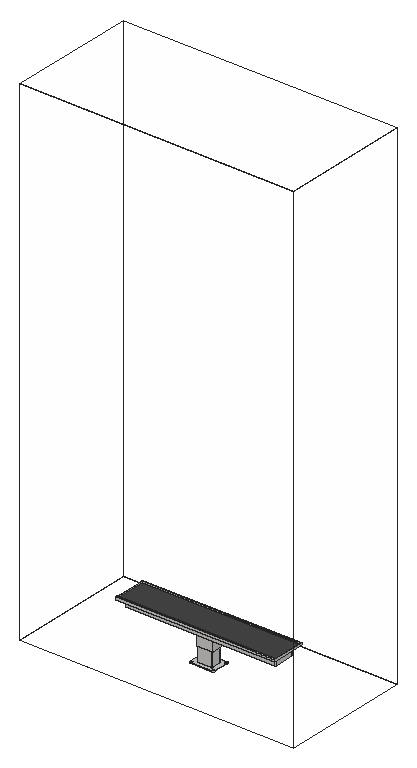
Revit family "Heater-Ceiling-Electric-Bromic-Smart Heat-Platinum", category Electrical Fixtures, host Face, Revit 2018
Family settings
  Host = Face
  Maintain Annotation Orientation = No
  Round Connector Dimension = Use Diameter
  Part Type = Normal
  OmniClass Number = 23.75.10.14
  OmniClass Title = Independent Electric Heating Units
  Cut with Voids When Loaded = Yes
  Shared = No
  Room Calculation Point = No
Parameters (values of type "2300W Series - Black")
  visFrontDown [instance] = not(Angle Mount)  # yes
  calcYOffset [instance] = if(Angle Mount, 0.5748", 0")  # 0"
  calcXOffset [instance] = if(Angle Mount, 1.49606", 0")  # 0"
  calcWidth = 7.17"  # constant formula
  calcSuspendedHeight [instance] = if(Front Down Mount, 8", if([Ceiling Pole_23.6"], 23.6", if([Ceiling Pole_47.2"], 47.2", if(Angle Mount, 10", 8"))))  # 8"
  calcOffsetClearance [instance] = if(Angle Mount, 1.69", calcWidth / 2)  # 3.585"
  calcLength = if(Heater Type Selector = 1, 33.07", if(Heater Type Selector = 2, 50.2", 33.07"))  # 33.07"
  calcFaceAngledWidth [instance] = if(Angle Mount, 6.5", calcWidth)  # 7.17"
  calcDepth = 2.13"  # constant formula
  Width_ANZRS = 7"  # constant formula
  WeightNet_ANZRS = if(Heater Type Selector = 1, 16.50 lbm, if(Heater Type Selector = 2, 22.00 lbm, 16.50 lbm))  # 16.50 lbm
  Wattage_ANZRS = if(Heater Type Selector = 1, 2300 VA, if(Heater Type Selector = 2, 3400 VA, 2000 VA))  # 2300 VA
  Voltage_ANZRS [instance] = 230 V
  URL = "https://www.bromic.com/heating/outdoor-heaters/"
  Side Clearance = if(Heater Type Selector = 2, 18", 10")  # 10"
  Mount Type Selector [instance] = 1
  MountingType_ANZRS [instance] = if(Front Down Mount, "Ceiling Mounted - Front Down", if([Ceiling Pole_23.6"], "Ceiling Pole - 23.6\"", if([Ceiling Pole_47.2"], "Ceiling Pole - 47.2\"", if(Angle Mount, "Ceiling Mounted - Angle Mount", "Ceiling Mounted - Front Down"))))  # "Ceiling Mounted - Front Down"
  Material_ANZRS = Metal-Steel-Stainless-Bromic
  Screen Material = Ceramic-Tinted-Bromic-Black
  Heater Type Selector = 1
  Front Down Mount [instance] = or(Mount Type Selector < 2, Mount Type Selector > 4)  # yes
  Floor Clearance = 96"  # constant formula
  Show Clearance [instance] = yes
  ProductCode_ANZRS = "BH0320003"
  PowerFactor_ANZRS = 1
  ModifiedIssue_ANZRS = 20190220.01  # constant formula
  Model = "Platinum Smart-Heat™ Electric"  # constant formula
  Manufacturer = "Bromic"  # constant formula
  Length_ANZRS = if(Heater Type Selector = 1, 33", if(Heater Type Selector = 2, 50.2", 33"))  # 33"
  Frequency_ANZRS = 50 Hz
  End Clearance = 12"  # constant formula
  Description = "The Platinum Smart-Heat™ Electric excels in efficiency, packing profound performance into a sleek package to suit high-end, style-centric settings. Designed specifically with low-clearance, semi-enclosed and aesthetically-focused spaces in mind, this heater minimizes light emission to blend seamlessly into rooflines with the aid of recess kits or stylishly mount to a number of other surfaces."  # constant formula
  Depth_ANZRS = 2"  # constant formula
  Default Elevation = 48"
  CreatedBy_ANZRS = "Design Content"  # constant formula
  CreatedByURL_ANZRS = "https://www.designcontent.com.au/"
  Ceiling Pole_23.6" [instance] = Mount Type Selector = 2  # no
  Ceiling Pole_47.2" [instance] = Mount Type Selector = 3  # no
  ApproximateHeatArea = if(Heater Type Selector = 1, 65.00 SF, if(Heater Type Selector = 2, 108.00 SF, 65.00 SF))  # 65.00 SF
  ApparentLoad_ANZRS = Wattage_ANZRS  # 2300 VA
  Angle Mount [instance] = Mount Type Selector = 4  # no
  Angle [instance] = if(Angle Mount, 30.00°, 0.00°)  # 0.00°
Types (5): name | calcLength | WeightNet_ANZRS | Wattage_ANZRS | Side Clearance | Screen Material | Heater Type Selector | ProductCode_ANZRS | Length_ANZRS | ApproximateHeatArea | ApparentLoad_ANZRS
  (no name) | 33.07" | 16.50 lbm | 2300 VA | 10" | Ceramic-Tinted-Bromic-Black | 1 | "BH0320003" | 33" | 65.00 SF | 2300 VA
  2300W Series - Black | 33.07" | 16.50 lbm | 2300 VA | 10" | Ceramic-Tinted-Bromic-Black | 1 | "BH0320003" | 33" | 65.00 SF | 2300 VA
  2300W Series - White | 33.07" | 16.50 lbm | 2300 VA | 10" | Ceramic-Tinted-Bromic-White | 1 | "BH0320007" | 33" | 65.00 SF | 2300 VA
  3400W Series - Black | 50.2" | 22.00 lbm | 3400 VA | 18" | Ceramic-Tinted-Bromic-Black | 2 | "BH0320005" | 50.2" | 108.00 SF | 3400 VA
  3400W Series - White | 50.2" | 22.00 lbm | 3400 VA | 18" | Ceramic-Tinted-Bromic-White | 2 | "BH0320008" | 50.2" | 108.00 SF | 3400 VA
Reference planes (in)
  plane 1 "Center (Front/Back)": y = 0
  plane 2: z = 0
  plane 3 "Center (Left/Right)": x = 0
  plane 4: z = 5.79528
  plane 5: z = 104
  plane 6: z = 8
  plane 7: x = -16.535
  plane 8: x = -28.535
  plane 9: x = 16.535
  plane 10: x = 28.535
  plane 11: y = 3.585
  plane 12: y = -3.585
  plane 13: y = 13.585
  plane 14: y = -13.585
  plane 15: z = 0.07874
  plane 16: z = 3.07726
  plane 17: z = 5.87402
  plane 18: x = -17.12555
  plane 19: x = 17.12555
  plane 20: y = 0
  plane 21: z = 5.87402
  plane 22: y = 3.585
  plane 23: y = -3.585
Forms (in)
  Extrusion 1, solid, material "Metal-Steel-Stainless-Bromic" <- "Material_ANZRS", detail levels coarse+medium
    sketch origin (0, 0, 0) x (1, 0, 0) y (0, 1, 0)
      loop
        arc (-2.55906, -1.5748) -> (-2.44374, -1.85319) -> (-2.16535, -1.9685) r 0.3937
        line (-2.16535, -1.9685) -> (2.16535, -1.9685)
        arc (2.16535, -1.9685) -> (2.44374, -1.85319) -> (2.55906, -1.5748) r 0.3937
        line (2.55906, -1.5748) -> (2.55906, 1.5748)
        arc (2.55906, 1.5748) -> (2.44374, 1.85319) -> (2.16535, 1.9685) r 0.3937
        line (2.16535, 1.9685) -> (-2.16535, 1.9685)
        arc (-2.16535, 1.9685) -> (-2.44374, 1.85319) -> (-2.55906, 1.5748) r 0.3937
        line (-2.55906, 1.5748) -> (-2.55906, -1.5748)
    from 0 to 0.07874
  Extrusion 2, solid, material "Metal-Steel-Stainless-Bromic" <- "Material_ANZRS", visible <- "visFrontDown"
    sketch origin (0, 0, 0) x (1, 0, 0) y (0, 1, 0)
      loop
        line (-1.5748, 0.90551) -> (-1.5748, -0.86614)
        arc (-1.5748, -0.86614) -> (-1.54021, -0.94966) -> (-1.45669, -0.98425) r 0.11811
        line (-1.45669, -0.98425) -> (1.45669, -0.98425)
        arc (1.45669, -0.98425) -> (1.54021, -0.94966) -> (1.5748, -0.86614) r 0.11811
        line (1.5748, -0.86614) -> (1.5748, 0.90551)
        arc (1.5748, 0.90551) -> (1.55174, 0.96119) -> (1.49606, 0.98425) r 0.07874
        line (1.49606, 0.98425) -> (-1.49606, 0.98425)
        arc (-1.49606, 0.98425) -> (-1.55174, 0.96119) -> (-1.5748, 0.90551) r 0.07874
    from 0.07874 to 3.07726
  Extrusion 3, solid, material "Metal-Steel-Stainless-Bromic" <- "Material_ANZRS", visible <- "visFrontDown"
    sketch origin (0, 0, 6.29921) x (1, 0, 0) y (0, 1, 0)
      loop
        arc (-2.75591, -1.44685) -> (-2.64059, -1.72524) -> (-2.3622, -1.84055) r 0.3937
        line (-2.3622, -1.84055) -> (2.3622, -1.84055)
        arc (2.3622, -1.84055) -> (2.64059, -1.72524) -> (2.75591, -1.44685) r 0.3937
        line (2.75591, -1.44685) -> (2.75591, 1.46654)
        arc (2.75591, 1.46654) -> (2.64059, 1.74492) -> (2.3622, 1.86024) r 0.3937
        line (2.3622, 1.86024) -> (-2.3622, 1.86024)
        arc (-2.3622, 1.86024) -> (-2.64059, 1.74492) -> (-2.75591, 1.46654) r 0.3937
        line (-2.75591, 1.46654) -> (-2.75591, -1.44685)
    from -0.50394 to -0.4252
  Extrusion 4, solid, material "Metal-Steel-Stainless-Bromic" <- "Material_ANZRS", visible <- "visFrontDown"
    sketch origin (0, 0, 0) x (1, 0, 0) y (0, 1, 0)
      loop
        line (1.69291, 1.06299) -> (-1.69291, 1.06299) -> (-1.69291, -1.06299) -> (1.69291, -1.06299) -> (1.69291, 1.06299)
    from 3.07726 to 5.79528
  Extrusion 5, solid, material "Metal-Steel-Stainless-Bromic" <- "Material_ANZRS", detail levels fine
    sketch origin (0, 0, 0) x (1, 0, 0) y (0, 1, 0)
      loop
        arc (-2.55906, -1.5748) -> (-2.44374, -1.85319) -> (-2.16535, -1.9685) r 0.3937
        line (-2.16535, -1.9685) -> (2.16535, -1.9685)
        arc (2.16535, -1.9685) -> (2.44374, -1.85319) -> (2.55906, -1.5748) r 0.3937
        line (2.55906, -1.5748) -> (2.55906, 1.5748)
        arc (2.55906, 1.5748) -> (2.44374, 1.85319) -> (2.16535, 1.9685) r 0.3937
        line (2.16535, 1.9685) -> (-2.16535, 1.9685)
        arc (-2.16535, 1.9685) -> (-2.44374, 1.85319) -> (-2.55906, 1.5748) r 0.3937
        line (-2.55906, 1.5748) -> (-2.55906, -1.5748)
      loop
        circle (-2.16535, -1.5748) r 0.12795
      loop
        circle (2.16535, -1.5748) r 0.12795
      loop
        circle (2.16535, 1.5748) r 0.12795
      loop
        circle (-2.16535, 1.5748) r 0.12795
    from 0 to 0.07874
  Extrusion 6, solid, material "Metal-Steel-Stainless-Bromic" <- "Material_ANZRS", visible <- "Angle Mount"
    sketch origin (0, 0, -1.20079) x (0, 1, 0) y (0, 0, 1)
      loop
        line (1.06299, 2.50787) -> (1.06299, 4.7105) -> (0.31695, 6.00268) -> (-1.38782, 5.01842) -> (-1.06299, 4.4558) -> (-1.06299, 2.50787) -> (1.06299, 2.50787)
    from -1.69291 to 1.69291
  Extrusion 7, solid, material "Metal-Steel-Stainless-Bromic" <- "Material_ANZRS", visible <- "Angle Mount"
    sketch origin (0, 2.55118, 0) x (1, 0, 0) y (0, 1, 0)
      loop
        line (-1.5748, -1.64567) -> (-1.5748, -3.41732)
        arc (-1.5748, -3.41732) -> (-1.54021, -3.50084) -> (-1.45669, -3.53543) r 0.11811
        line (-1.45669, -3.53543) -> (1.45669, -3.53543)
        arc (1.45669, -3.53543) -> (1.54021, -3.50084) -> (1.5748, -3.41732) r 0.11811
        line (1.5748, -3.41732) -> (1.5748, -1.64567)
        arc (1.5748, -1.64567) -> (1.55174, -1.58999) -> (1.49606, -1.56693) r 0.07874
        line (1.49606, -1.56693) -> (-1.49606, -1.56693)
        arc (-1.49606, -1.56693) -> (-1.55174, -1.58999) -> (-1.5748, -1.64567) r 0.07874
    from 0.07874 to 1.30709
  Extrusion 8, solid, material "Metal-Steel-Stainless-Bromic" <- "Material_ANZRS", visible <- "Angle Mount"
    sketch origin (0, 0, 0) x (0, 1, 0) y (0, 0, 1)
      loop
        line (0.99886, 5.19559) -> (0.95949, 5.26378) -> (-2.1091, 3.49213) -> (-2.06973, 3.42394) -> (0.99886, 5.19559)
    from -2.75591 to 2.75591
Lines and regions (in)
  reference lines
    curve 1: line (0, 0, 5.87402) -> (0, 0, 5.49533)
    curve 2: line (0, 0, 5.87402) -> (0, 0.23807, 5.87402)
Dimensions and locks (in)
  "Floor Clearance": plane 6 to plane 5
  equal spacing: plane 9, plane 3 "Center (Left/Right)", plane 7
  "calcLength": plane 9 to plane 7
  "End Clearance": plane 7 to plane 8
  "End Clearance": plane 10 to plane 9
  equal spacing: plane 12, plane 1 "Center (Front/Back)", plane 11
  "calcWidth": plane 12 to plane 11
  "Side Clearance": plane 22 to plane 13
  "Side Clearance": plane 14 to plane 23
  locked: plane 2 to plane 15 at 0.07874
  plane 16 to plane 4 to plane 17 to plane 6 = 2.71801" locked, 0.07874" locked, 2.12598"
  "calcSuspendedHeight": plane 2 to plane 6
  locked: plane 18 to plane 7 at 0.59055
  locked: plane 9 to plane 19 at 0.59055
  "calcYOffset": plane 1 "Center (Front/Back)" to plane 20
  "calcXOffset": plane 17 to plane 21
  Extrusion 4 sketch curve to plane 1 "Center (Front/Back)" to Extrusion 4 sketch curve = 1.06299" locked, 1.06299" locked
  Extrusion 6 sketch curve to Extrusion 6 sketch curve to Extrusion 6 sketch curve to Extrusion 6 sketch curve to Extrusion 6 sketch curve to plane 17 = 1.94793" locked, 0.2547" locked, 0.30792" locked, 0.98425" locked, 1.07213" locked
  Extrusion 4 sketch curve to plane 3 "Center (Left/Right)" to Extrusion 4 sketch curve = 1.69291" locked, 1.69291" locked
  Extrusion 7 sketch curve to plane 1 "Center (Front/Back)" to Extrusion 7 sketch curve = 0.98425" locked, 0.98425" locked
  Extrusion 2 sketch curve to plane 1 "Center (Front/Back)" to Extrusion 2 sketch curve = 0.98425" locked, 0.98425" locked
  Extrusion 3 sketch curve to plane 1 "Center (Front/Back)" to Extrusion 3 sketch curve = 1.84055" locked, 1.86024" locked
  Extrusion 5 sketch curve to plane 1 "Center (Front/Back)" to Extrusion 5 sketch curve = 1.9685" locked, 1.9685" locked
  Extrusion 5 sketch curve to plane 3 "Center (Left/Right)" to Extrusion 5 sketch curve = 2.55906" locked, 2.55906" locked
  Extrusion 1 sketch curve to plane 1 "Center (Front/Back)" to Extrusion 1 sketch curve = 1.9685" locked, 1.9685" locked
  Extrusion 1 sketch curve to plane 3 "Center (Left/Right)" to Extrusion 1 sketch curve = 2.55906" locked, 2.55906" locked
  "calcOffsetClearance": plane 22 to plane 1 "Center (Front/Back)"
  "calcFaceAngledWidth": plane 22 to plane 23
  locked: Extrusion 8 sketch curve to Extrusion 6 at 0.7874  (x2)
  locked: Extrusion 8 sketch curve to Extrusion 8 sketch curve at 0.07874
  locked: curve 2 to curve 1 (angle 90.00°)
  locked: Extrusion 8 sketch curve to Extrusion 8 sketch curve (angle 90.00°)  (x3)
  "Angle": angle curve 1 to plane 1 "Center (Front/Back)"
  aligned and locked: plane 2 to host face
  aligned and locked: level to host face
  aligned and locked: plane 2 to nested 2
  aligned and locked: nested 2 to plane 5
  aligned and locked: nested 2 to plane 8
  aligned and locked: plane 10 to nested 2
  aligned and locked: nested 2 to plane 13
  aligned and locked: nested 2 to plane 14
  aligned and locked: Extrusion 5 to plane 15
  aligned and locked: Extrusion 1 to plane 15
  aligned and locked: Extrusion 5 to plane 2
  aligned and locked: Extrusion 1 to plane 2
  aligned and locked: Extrusion 3 to plane 4
  aligned and locked: Extrusion 3 to plane 17
  aligned and locked: plane 16 to Extrusion 4
  aligned and locked: Extrusion 2 to plane 16
  aligned and locked: Extrusion 4 to plane 16  (x2)
  aligned and locked: plane 4 to Extrusion 4
  aligned and locked: Extrusion 4 to plane 4
  aligned and locked: Extrusion 4 to Extrusion 6
  aligned and locked: Extrusion 6 to Extrusion 4
  aligned and locked: plane 20 to curve 1
  aligned and locked: nested 1 to curve 1
  aligned and locked: Extrusion 4 to Extrusion 6 sketch curve
  aligned and locked: Extrusion 6 sketch curve to Extrusion 4
  aligned and locked: nested 1 to plane 3 "Center (Left/Right)"
  aligned and locked: plane 15 to Extrusion 7
  aligned and locked: Extrusion 7 to Extrusion 6
  aligned and locked: Extrusion 7 sketch curve to Extrusion 2
  aligned and locked: Extrusion 2 to Extrusion 7 sketch curve
  aligned and locked: plane 21 to curve 2
  aligned and locked: Extrusion 8 sketch curve to Extrusion 6
  aligned and locked: Extrusion 3 to Extrusion 8
  aligned and locked: Extrusion 8 to Extrusion 3
Automatic sketch dimensions
  host sketch curve to host sketch curve = 96"  (x2)
  Extrusion 1 sketch curve to Extrusion 1 sketch curve = 0.3937"  (x3)
  Extrusion 1 sketch curve to plane 1 "Center (Front/Back)" = 1.5748"
  Extrusion 2 sketch curve to plane 3 "Center (Left/Right)" = 1.5748"
  Extrusion 2 sketch curve to Extrusion 2 sketch curve = 0.07874"  (x2)
  Extrusion 2 sketch curve to Extrusion 2 sketch curve = 0.11811"
  plane 3 "Center (Left/Right)" to Extrusion 2 sketch curve = 1.45669"
  plane 3 "Center (Left/Right)" to Extrusion 2 sketch curve = 1.49606"
  Extrusion 3 sketch curve to plane 3 "Center (Left/Right)" = 2.75591"
  Extrusion 3 sketch curve to Extrusion 3 sketch curve = 0.3937"  (x3)
  plane 3 "Center (Left/Right)" to Extrusion 3 sketch curve = 2.3622"
  Extrusion 3 sketch curve to plane 1 "Center (Front/Back)" = 1.46654"
  plane 3 "Center (Left/Right)" to Extrusion 5 sketch curve = 2.16535"
  Extrusion 7 sketch curve to Extrusion 7 sketch curve = 0.07874"  (x2)
  Extrusion 7 sketch curve to Extrusion 7 sketch curve = 0.11811"  (x2)
  Extrusion 5 sketch curve to Extrusion 5 sketch curve = 0"  (x8)
  Extrusion 5 sketch curve to Extrusion 5 sketch curve = 0.3937"  (x3)
  radius of Extrusion 5 sketch curve = 0.12795"  (x4)
Nested families (in)
  nested 1: "X-Heater-Electric-Bromic-Smart Heat-Platinum" at (0, 0, 5.87402) x (-1, 0, 0) z (0, 0, 1), type "X-Heater-Electric-Bromic-Smart Heat-Platinum"
    with Width_ANZRS 7.17", Length_ANZRS 33.07", Depth_ANZRS 2.13"
  nested 2: "Clearance Zone" at (0, 0, 0), visible <- "Show Clearance", type "Standard"
    with Width 57.07", Height 104", Equipment Finish Clearance Zone, Depth 27.17"
Connectors (in)
  electrical at (0, 0, 5.87402), driven by "Voltage_ANZRS", driven by "ApparentLoad_ANZRS", driven by "PowerFactor_ANZRS"
    settings: on nested 1, index 1, voltage 230 V, apparent load 2300 VA, apparent load phase1 0 VA, apparent load phase2 0 VA, apparent load phase3 0 VA, power factor 1, load classification "Power", number of poles 1, system type 30, power factor state 1, is connector primary yes, connector utility no, sub classification motor no, connector description ""
Definition of nested family "X-Heater-Electric-Bromic-Smart Heat-Platinum"
  Parameters (values of type "X-Heater-Electric-Bromic-Smart Heat-Platinum")
    Width_ANZRS = 7.16535"
    Screen Material = none
    Material_ANZRS = none
    Length_ANZRS = 33.07087"
    Depth_ANZRS = 2.12598"
    Default Elevation = 48"
  Reference planes (in)
    plane 1 "Center (Front/Back)": y = 0
    plane 2: z = 0
    plane 3 "Center (Left/Right)": x = 0
    plane 4: x = -16.53543
    plane 5: x = 16.53543
    plane 6: y = 3.58268
    plane 7: y = -3.58268
    plane 8: z = 2.12598
    plane 9: z = 1.69291
    plane 10: z = 1.9685
  Forms (in)
    Extrusion 1, solid
      sketch origin (0, 0, 0) x (1, 0, 0) y (0, 1, 0)
        loop
          line (-48, 48) -> (-48, -48) -> (48, -48) -> (48, 48) -> (-48, 48)
      from 0 to -12
    Extrusion 2, solid, material <- "Material_ANZRS"
      sketch origin (0, 0, 0) x (1, 0, 0) y (0, 1, 0)
        loop
          arc (-15.55118, 2.16535) -> (-15.69038, 2.1077) -> (-15.74803, 1.9685) r 0.19685
          line (-15.74803, 1.9685) -> (-15.74803, -1.9685)
          arc (-15.74803, -1.9685) -> (-15.69038, -2.1077) -> (-15.55118, -2.16535) r 0.19685
          line (-15.55118, -2.16535) -> (15.55118, -2.16535)
          arc (15.55118, -2.16535) -> (15.69038, -2.1077) -> (15.74803, -1.9685) r 0.19685
          line (15.74803, -1.9685) -> (15.74803, 1.9685)
          arc (15.74803, 1.9685) -> (15.69038, 2.1077) -> (15.55118, 2.16535) r 0.19685
          line (15.55118, 2.16535) -> (-15.55118, 2.16535)
      from 0 to 1.69291
    Extrusion 3, solid, material <- "Material_ANZRS"
      sketch origin (0, 0, 0) x (0, 1, 0) y (0, 0, 1)
        loop
          line (3.58268, 2.12598) -> (3.17913, 2.12598) -> (3.17913, 1.75197) -> (-3.17913, 1.75197) -> (-3.17913, 2.12598) -> (-3.58268, 2.12598) -> (-3.58268, 1.69291) -> (3.58268, 1.69291) -> (3.58268, 2.12598)
      from -16.53543 to 16.53543
    Extrusion 4, solid, material <- "Screen Material"
      sketch origin (0, 0, 0) x (1, 0, 0) y (0, 1, 0)
        loop
          line (-16.41732, 3.17913) -> (-16.41732, -3.17913) -> (16.41732, -3.17913) -> (16.41732, 3.17913) -> (-16.41732, 3.17913)
      from 1.75197 to 1.9685
    Extrusion 5, solid, material <- "Material_ANZRS"
      sketch origin (0, 0, 0) x (1, 0, 0) y (0, 0, 1)
        loop
          line (-16.53543, 2.04724) -> (-16.53543, 1.75197) -> (-16.49606, 1.75197) -> (-16.49606, 2.04724) -> (-16.53543, 2.04724)
        loop
          line (16.53543, 2.04724) -> (16.49606, 2.04724) -> (16.49606, 1.75197) -> (16.53543, 1.75197) -> (16.53543, 2.04724)
      from -3.17913 to 3.17913
  Cuts and joins
    joined: Extrusion 3, Extrusion 5
  Dimensions and locks (in)
    equal spacing: plane 4, plane 3 "Center (Left/Right)", plane 5
    "Length_ANZRS": plane 4 to plane 5
    equal spacing: plane 7, plane 1 "Center (Front/Back)", plane 6
    "Width_ANZRS": plane 7 to plane 6
    "Depth_ANZRS": plane 8 to plane 2
    locked: plane 7 to Extrusion 2 sketch curve at 1.41732
    locked: plane 4 to Extrusion 2 sketch curve at 0.7874
    locked: Extrusion 2 sketch curve to plane 6 at 1.41732
    locked: Extrusion 2 sketch curve to plane 5 at 0.7874
    locked: plane 8 to plane 9 at 0.43307
    locked: Extrusion 3 sketch curve to plane 7 at 0.40354
    locked: plane 6 to Extrusion 3 sketch curve at 0.40354
    locked: Extrusion 3 sketch curve to plane 9 at 0.05906
    locked: plane 4 to Extrusion 4 sketch curve at 0.11811
    locked: Extrusion 4 sketch curve to plane 5 at 0.11811
    locked: plane 8 to plane 10 at 0.15748
    locked: Extrusion 5 sketch curve to plane 10 at 0.07874  (x2)
    locked: Extrusion 5 sketch curve to plane 4 at 0.03937
    locked: plane 5 to Extrusion 5 sketch curve at 0.03937
    aligned and locked: plane 2 to Extrusion 1
    aligned and locked: level to Extrusion 1
    aligned and locked: Extrusion 2 to plane 2
    aligned and locked: plane 9 to Extrusion 2
    aligned and locked: plane 7 to Extrusion 3 sketch curve
    aligned and locked: plane 9 to Extrusion 3 sketch curve
    aligned and locked: plane 8 to Extrusion 3 sketch curve
    aligned and locked: Extrusion 3 sketch curve to plane 8
    aligned and locked: plane 6 to Extrusion 3 sketch curve
    aligned and locked: plane 5 to Extrusion 3
    aligned and locked: Extrusion 3 to plane 4
    aligned and locked: Extrusion 3 to Extrusion 4 sketch curve  (x2)
    aligned and locked: Extrusion 4 to Extrusion 3
    aligned and locked: Extrusion 4 to plane 10
    aligned and locked: Extrusion 3 to Extrusion 5 sketch curve
    aligned and locked: plane 4 to Extrusion 5 sketch curve
    aligned and locked: plane 5 to Extrusion 5 sketch curve
    aligned and locked: Extrusion 5 sketch curve to Extrusion 3
    aligned and locked: Extrusion 5 to Extrusion 3  (x2)
  Automatic sketch dimensions
    Extrusion 1 sketch curve to Extrusion 1 sketch curve = 96"  (x2)
    Extrusion 2 sketch curve to Extrusion 2 sketch curve = 0.19685"  (x4)
Definition of nested family "Clearance Zone"
  Parameters (values of type "Standard")
    Width [instance] = 31.49606"
    URL = ""
    Manufacturer = ""
    Height [instance] = 22.83465"
    Equipment Finish [instance] = none
    Depth [instance] = 55.11811"
    Clearance Offset Top = 0"
    Clearance Offset Right = 0"
    Clearance Offset Left = 0"
    Clearance Offset Front = 0"
    Clearance Offset Bottom = 0"
    Clearance Offset Back = 0"
    Assembly Code = ""
  Reference planes (in)
    plane 1 "Center (Front/Back)": y = 0
    plane 2 "Bottom": z = 0
    plane 3 "Center (Left/Right)": x = 0
    plane 4 "Left": x = -15.74803
    plane 5 "Back": y = 27.55906
    plane 6 "Right": x = 15.74803
    plane 7 "Front": y = -27.55906
    plane 8 "Top": z = 22.83465
    plane 9 "Clearance Offset Right": x = 15.74803
    plane 10 "Clearance Offset Left": x = -15.74803
    plane 11 "Clearance Offset Back": y = 27.55906
    plane 12 "Clearance Offset Front": y = -27.55906
    plane 13 "Clearance Offset Top": z = 22.83465
    plane 14: z = 0
  Forms (in)
    Extrusion 1, solid, material <- "Equipment Finish"
      sketch origin (0, 0, 0) x (1, 0, 0) y (0, 1, 0)
        loop
          line (-15.74803, 27.55906) -> (-15.74803, -27.55906) -> (15.74803, -27.55906) -> (15.74803, 27.55906) -> (-15.74803, 27.55906)
      from 0 to 22.83465
  Lines and regions (in)
    symbolic lines
      curve 1: line (-15.74803, 0, 22.83465) -> (15.74803, 0, 22.83465)
      curve 2: line (-15.74803, 0, 0) -> (-15.74803, 0, 22.83465)
      curve 3: line (15.74803, 0, 0) -> (-15.74803, 0, 0)
      curve 4: line (15.74803, 0, 22.83465) -> (15.74803, 0, 0)
      curve 5: line (0, 27.55906, 22.83465) -> (0, -27.55906, 22.83465)
      curve 6: line (0, 27.55906, 0) -> (0, 27.55906, 22.83465)
      curve 7: line (0, -27.55906, 0) -> (0, 27.55906, 0)
      curve 8: line (0, -27.55906, 22.83465) -> (0, -27.55906, 0)
      curve 9: line (-15.74803, 27.55906, 0) -> (15.74803, 27.55906, 0)
      curve 10: line (-15.74803, -27.55906, 0) -> (-15.74803, 27.55906, 0)
      curve 11: line (15.74803, -27.55906, 0) -> (-15.74803, -27.55906, 0)
      curve 12: line (15.74803, 27.55906, 0) -> (15.74803, -27.55906, 0)
  Text (in)
    text "Copyright © Daikin Industries, Ltd. 2008" at (0.00043, 0.00036, 0), in view "Ref. Level"
  Dimensions and locks (in)
    equal spacing: plane 4 "Left", plane 3 "Center (Left/Right)", plane 6 "Right"
    "Width": plane 4 "Left" to plane 6 "Right"
    equal spacing: plane 5 "Back", plane 1 "Center (Front/Back)", plane 7 "Front"
    "Depth": plane 5 "Back" to plane 7 "Front"
    "Height": plane 8 "Top" to plane 2 "Bottom"
    "Clearance Offset Front": plane 12 "Clearance Offset Front" to plane 7 "Front"
    "Clearance Offset Back": plane 11 "Clearance Offset Back" to plane 5 "Back"
    "Clearance Offset Left": plane 10 "Clearance Offset Left" to plane 4 "Left"
    "Clearance Offset Right": plane 6 "Right" to plane 9 "Clearance Offset Right"
    "Clearance Offset Top": plane 13 "Clearance Offset Top" to plane 8 "Top"
    curve 3 to plane 14 = 0"
    "Clearance Offset Bottom": plane 2 "Bottom" to plane 14
    aligned and locked: plane 2 "Bottom" to level
    aligned and locked: plane 9 "Clearance Offset Right" to Extrusion 1 sketch curve
    aligned and locked: Extrusion 1 sketch curve to plane 11 "Clearance Offset Back"
    aligned and locked: plane 10 "Clearance Offset Left" to Extrusion 1 sketch curve
    aligned and locked: Extrusion 1 sketch curve to plane 12 "Clearance Offset Front"
    aligned and locked: curve 9 to Extrusion 1  (x2)
    aligned and locked: Extrusion 1 to curve 12
    aligned and locked: curve 12 to Extrusion 1
    aligned and locked: plane 13 "Clearance Offset Top" to Extrusion 1
    aligned and locked: Extrusion 1 to plane 14
    aligned and locked: Extrusion 1 to plane 10 "Clearance Offset Left"
    aligned and locked: Extrusion 1 to plane 9 "Clearance Offset Right"  (x2)
    aligned and locked: Extrusion 1 to plane 13 "Clearance Offset Top"  (x2)
    aligned and locked: plane 14 to Extrusion 1  (x2)
    aligned and locked: curve 1 to plane 13 "Clearance Offset Top"
    aligned and locked: plane 9 "Clearance Offset Right" to curve 4
    aligned and locked: plane 10 "Clearance Offset Left" to curve 2
    aligned and locked: plane 14 to curve 3
    aligned and locked: plane 10 "Clearance Offset Left" to Extrusion 1  (x2)
    aligned and locked: curve 8 to plane 12 "Clearance Offset Front"
    aligned and locked: curve 5 to plane 13 "Clearance Offset Top"
    aligned and locked: curve 6 to plane 11 "Clearance Offset Back"
    aligned and locked: plane 14 to curve 7
